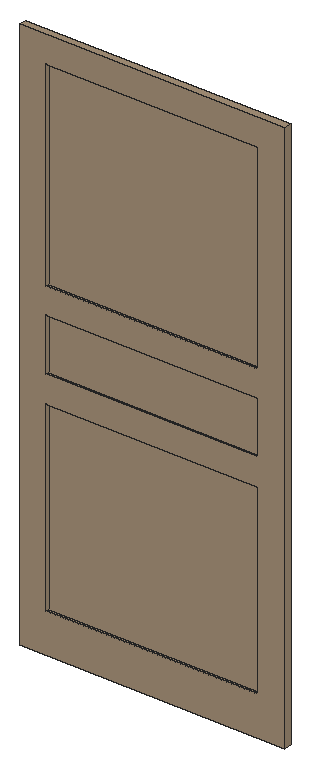
Revit family "Folha com caixilho", category Portas, Revit 2015
Parameters
  Painel interno = Tábua de fibra orientada
  Painel externo = Tábua de fibra orientada
  Largura = 100 cm
  Espessura da folha interna = 1 cm
  Espessura = 3 cm
  D2 = 15 cm
  D1 = 10 cm
  Altura = 210 cm
Reference planes (cm)
  plane 1 "Centro (Frente/Trás)": y = 0
  plane 2: z = 0
  plane 3 "Centro (Esquerda/Direita)": x = 0
  plane 4: y = 3
  plane 5: x = -100
  plane 6: y = 1.5
  plane 7: y = 1
  plane 8: y = 2
  plane 9: z = 210
  plane 10: x = -90
  plane 11: z = 200
  plane 12: x = -10
  plane 13: z = 15
  plane 14: z = 95
  plane 15: z = 115
  plane 16: z = 125
  plane 17: z = 85
Forms (cm)
  Extrusion 1, solid, material "Tábua de fibra orientada" <- "Painel interno"
    sketch origin (0, 0, 0) x (1, 0, 0) y (0, 0, 1)
      loop
        line (-90, 200) -> (-90, 125) -> (-10, 125) -> (-10, 200) -> (-90, 200)
      loop
        line (-90, 115) -> (-90, 95) -> (-10, 95) -> (-10, 115) -> (-90, 115)
      loop
        line (-90, 85) -> (-90, 15) -> (-10, 15) -> (-10, 85) -> (-90, 85)
    from -2 to -1
  Extrusion 2, solid, material "Tábua de fibra orientada" <- "Painel externo"
    sketch origin (0, 0, 0) x (1, 0, 0) y (0, 0, 1)
      loop
        line (-100, 210) -> (-100, 0) -> (0, 0) -> (0, 210) -> (-100, 210)
      loop
        line (-90, 200) -> (-90, 125) -> (-10, 125) -> (-10, 200) -> (-90, 200)
      loop
        line (-90, 115) -> (-90, 95) -> (-10, 95) -> (-10, 115) -> (-90, 115)
      loop
        line (-90, 85) -> (-90, 15) -> (-10, 15) -> (-10, 85) -> (-90, 85)
    from -3 to 0
Dimensions and locks (cm)
  "Espessura": plane 1 "Centro (Frente/Trás)" to plane 4
  "Largura": plane 5 to plane 3 "Centro (Esquerda/Direita)"
  equal spacing: plane 1 "Centro (Frente/Trás)", plane 6, plane 4
  equal spacing: plane 8, plane 6, plane 7
  "Espessura da folha interna": plane 8 to plane 7
  "Altura": plane 9 to level
  "D1": plane 9 to plane 11
  locked: plane 15 to plane 14 at 20
  "D2": plane 13 to plane 2
  "D1": plane 10 to plane 5
  "D1": plane 3 "Centro (Esquerda/Direita)" to plane 12
  locked: plane 15 to level at 115
  "D1": plane 16 to plane 15
  "D1": plane 14 to plane 17
  aligned and locked: level to plane 2
  aligned and locked: Extrusion 1 sketch curve to plane 11
  aligned and locked: plane 10 to Extrusion 1 sketch curve  (x2)
  aligned and locked: Extrusion 1 sketch curve to plane 12  (x3)
  aligned and locked: plane 8 to Extrusion 1
  aligned and locked: Extrusion 1 to plane 7
  aligned and locked: Extrusion 2 sketch curve to plane 9
  aligned and locked: plane 5 to Extrusion 2 sketch curve
  aligned and locked: plane 2 to Extrusion 2 sketch curve
  aligned and locked: Extrusion 2 sketch curve to plane 3 "Centro (Esquerda/Direita)"
  aligned and locked: Extrusion 2 sketch curve to plane 11
  aligned and locked: plane 10 to Extrusion 2 sketch curve  (x3)
  aligned and locked: plane 16 to Extrusion 2 sketch curve
  aligned and locked: Extrusion 2 sketch curve to plane 12  (x3)
  aligned and locked: Extrusion 2 sketch curve to plane 15
  aligned and locked: plane 14 to Extrusion 2 sketch curve
  aligned and locked: Extrusion 2 sketch curve to plane 17
  aligned and locked: plane 13 to Extrusion 2 sketch curve
  aligned and locked: plane 4 to Extrusion 2
  aligned and locked: plane 1 "Centro (Frente/Trás)" to Extrusion 2
  aligned and locked: Extrusion 1 sketch curve to plane 16
  aligned and locked: Extrusion 1 sketch curve to plane 15
  aligned and locked: Extrusion 1 sketch curve to plane 14
  aligned and locked: Extrusion 1 sketch curve to plane 10
  aligned and locked: Extrusion 1 sketch curve to plane 17
  aligned and locked: plane 13 to Extrusion 1 sketch curve
